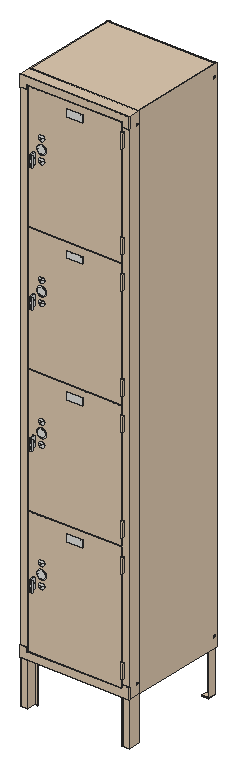
Revit family "Metal_Vented_Lockers-Salsbury_Industries-84000_Series-1_Wide_Units", category Specialty Equipment, Revit 2016 (continued)
Definition of nested family "Metal Locker Legs"
  Automatic sketch dimensions
    Extrusion 2 sketch curve to plane 14 "Inside Edge of Front Leg" = 0.000"
    plane 16 to Extrusion 2 sketch curve = 0.000"
    Extrusion 2 sketch curve to plane 6 "Left Side of Unit" = 0.000"
    plane 9 "Front of Unit" to Extrusion 2 sketch curve = 0.000"
    Extrusion 2 sketch curve to plane 11 "Left Side of Door Opening" = 0.000"
    plane 16 to Extrusion 2 sketch curve = 0.060"
    plane 9 "Front of Unit" to Extrusion 2 sketch curve = 0.060"
    Extrusion 2 sketch curve to plane 11 "Left Side of Door Opening" = 0.060"
    plane 6 "Left Side of Unit" to Extrusion 2 sketch curve = 0.060"
    plane 17 "Back Edge of Rear Legs" to Extrusion 3 sketch curve = 0.000"
    Extrusion 3 sketch curve to plane 21 "Inside Edge or Rear Right Leg" = 0.000"
    Extrusion 3 sketch curve to plane 18 "Right Edge of Rear Right Leg" = 0.000"
    plane 20 to Extrusion 3 sketch curve = 0.000"
    plane 17 "Back Edge of Rear Legs" to Extrusion 3 sketch curve = 0.060"
    plane 18 "Right Edge of Rear Right Leg" to Extrusion 3 sketch curve = 0.060"
    plane 17 "Back Edge of Rear Legs" to Extrusion 4 sketch curve = 0.000"
    Extrusion 4 sketch curve to plane 18 "Right Edge of Rear Right Leg" = 0.000"
    plane 20 to Extrusion 4 sketch curve = 0.000"
    Extrusion 4 sketch curve to plane 21 "Inside Edge or Rear Right Leg" = 0.000"
    plane 17 "Back Edge of Rear Legs" to Extrusion 5 sketch curve = 0.000"
    Extrusion 5 sketch curve to plane 22 "Inside Edge or Left Rear Leg" = 0.000"
    Extrusion 5 sketch curve to plane 19 "Left Edge or Rear Left Leg" = 0.000"
    plane 20 to Extrusion 5 sketch curve = 0.000"
    Extrusion 5 sketch curve to plane 17 "Back Edge of Rear Legs" = 0.060"
    Extrusion 5 sketch curve to plane 19 "Left Edge or Rear Left Leg" = 0.060"
    plane 17 "Back Edge of Rear Legs" to Extrusion 6 sketch curve = 0.000"
    Extrusion 6 sketch curve to plane 19 "Left Edge or Rear Left Leg" = 0.000"
    plane 20 to Extrusion 6 sketch curve = 0.000"
    Extrusion 6 sketch curve to plane 22 "Inside Edge or Left Rear Leg" = 0.000"
Definition of nested family "Vented Metal Locker Doors-15 inch with Latch Hasp"
  Parameters (values of type "Four Tier Door - 6 foot")
    Width = 12.901"
    Visible = yes
    Primary Structure Material = none
    Louver Set Vertical Alignment = 2.731"
    Number Plate Alignment = 0.9375"
    Louver Width = 4.000"
    Hinge 2 Placement = 14.142"
    Hinge 1 Placement = 1.125"
    Height = 17.360"
    Hasp Plate Rivet Material = none
    Hasp Height = 1.438"
    Depth = 0.900"
  Reference planes (in)
    plane 1 "Center (Front/Back)": y = 0
    plane 2 "Bottom of Door": z = 0
    plane 3 "Center (Left/Right)": x = 0
    plane 4 "Center (Top/Bottom)": z = 8.68
    plane 5 "Top of Door": z = 17.36
    plane 6 "Right Side of Door": x = 6.4505
    plane 7 "Left Side of Door": x = -6.4505
    plane 8 "Front of Door": y = -0.45
    plane 9 "Back of Door": y = 0.45
    plane 10 "Top of Number Plate": z = 16.4225
    plane 11 "Top of Hasp Alignment": z = 9.399
    plane 12 "Bottom of Hasp Alignment": z = 7.961
    plane 13 "Left Side of Louvers": x = -2
    plane 14 "Right Side of Louvers": x = 2
    plane 15 "Front of Louvers": y = -0.6375
    plane 16: x = -1.094
    plane 17: x = 1.094
    plane 18: z = 15.4225
    plane 19 "Center Hasp": x = -1.7755
    plane 20 "Top of Hinge 2": z = 3.218
    plane 21 "Top of Hinge 1": z = 16.235
    plane 22 "Left Hasp Hole Align": x = -5.763
    plane 23 "Right Hasp Hole Align": x = -5.513
    plane 24 "Center Hasp Stud Align": z = 10.09841
    plane 25 "Top Hasp Stud Align": z = 11.51682
    plane 26 "Vertical Hasp Stud Align": x = -4.576
    plane 27 "Vertical Center Hasp Align": x = -5.63777
    plane 28: z = 8.08731
    plane 29: z = 2.74873
    plane 30: z = 8.68373
    plane 31: z = 3.93573
    plane 32: z = 3.33931
    plane 33: z = 5.12273
    plane 34: z = 4.52631
    plane 35: z = 3.93573
    plane 36: z = 5.71331
    plane 37: z = 6.30973
    plane 38: z = 6.90031
    plane 39: z = 7.49673
    plane 40: x = -5.26277
    plane 41: x = -5.70027
    plane 42: z = 2.375
  Forms (in)
    Extrusion 1, solid, material <- "Primary Structure Material", visible <- "Visible"
      sketch origin (0, 0, 0) x (1, 0, 0) y (0, 0, 1)
        loop
          line (-6.4505, 17.36) -> (-6.4505, 0) -> (6.4505, 0) -> (6.4505, 17.36) -> (-6.4505, 17.36)
      from -0.45 to 0.45
    Extrusion 2, solid, material <- "Hasp Plate Rivet Material", visible <- "Visible", detail levels medium+fine
      sketch origin (0, -0.45, 0) x (1, 0, 0) y (0, 0, 1)
        loop
          arc (-1.06847, 16.38695) -> (-1.10166, 15.92421) -> (-1.06847, 15.46147) r 3.2426
          arc (-1.06847, 15.46147) -> (0, 15.42272) -> (1.06847, 15.46147) r 14.75
          arc (1.06847, 15.46147) -> (1.10166, 15.92421) -> (1.06847, 16.38695) r 3.2426
          arc (1.06847, 16.38695) -> (0, 16.41487) -> (-1.06847, 16.38695) r 20.45441
      from 0 to 0.03497
    Extrusion 3, void
      sketch origin (-1.7755, -0.13281, 0.04687) x (0, 0, -1) y (0, -1, 0)
        loop
          circle (-8.35677, -0.16411) r 0.2
      from -0.163 to 0.163
    Extrusion 4, solid, material <- "Primary Structure Material", visible <- "Visible", detail levels medium+fine
      sketch origin (0, 0, 16.235) x (0, -1, 0) y (1, 0, 0)
        loop
          line (0.45, 6.4505) -> (0.575, 6.4505)
          arc (0.575, 6.4505) -> (0.7, 6.5755) -> (0.575, 6.7005) r 0.125
          line (0.575, 6.7005) -> (0.45, 6.7005) -> (0.45, 6.4505)
      from 0 to -2
    Extrusion 5, solid, material <- "Primary Structure Material", visible <- "Visible", detail levels medium+fine
      sketch origin (0, 0, 3.218) x (0, -1, 0) y (1, 0, 0)
        loop
          line (0.45, 6.4505) -> (0.575, 6.4505)
          arc (0.575, 6.4505) -> (0.7, 6.5755) -> (0.575, 6.7005) r 0.125
          line (0.575, 6.7005) -> (0.45, 6.7005) -> (0.45, 6.4505)
      from 0 to -2
    Extrusion 6, void
      sketch origin (0, -0.45, 0) x (1, 0, 0) y (0, 0, 1)
        loop
          line (-5.763, 9.399) -> (-5.763, 7.961) -> (-5.513, 7.961) -> (-5.513, 9.399) -> (-5.763, 9.399)
      from -0.9 to 0
    Blend 7, solid, material <- "Hasp Plate Rivet Material", visible <- "Visible", detail levels fine
      base sketch origin (0, -0.45, 0) x (1, 0, 0) y (0, 0, 1)
        loop
          circle (-4.576, 8.68) r 0.375
      top sketch origin (0, -0.45, 0) x (1, 0, 0) y (0, 0, 1)
        loop
          circle (-4.576, 8.68) r 0.09706
      from 0 to 0.03497
    Blend 8, solid, material <- "Hasp Plate Rivet Material", visible <- "Visible", detail levels fine
      base sketch origin (0, -0.45, 2.83682) x (1, 0, 0) y (0, 0, 1)
        loop
          circle (-4.576, 8.68) r 0.375
      top sketch origin (0, -0.45, 2.83682) x (1, 0, 0) y (0, 0, 1)
        loop
          circle (-4.576, 8.68) r 0.09706
      from 0 to 0.03497
    Blend 9, solid, material <- "Hasp Plate Rivet Material", visible <- "Visible", detail levels fine
      base sketch origin (0, -0.45, -0.16841) x (1, 0, 0) y (0, 0, 1)
        loop
          circle (-4.576, 10.26682) r 0.625
      top sketch origin (0, -0.45, -0.16841) x (1, 0, 0) y (0, 0, 1)
        loop
          circle (-4.576, 10.26682) r 0.58088
      from 0 to 0.03497
    Extrusion 10, solid, material <- "Hasp Plate Rivet Material", visible <- "Visible", detail levels fine
      sketch origin (0, 0, 7.961) x (0, -1, 0) y (1, 0, 0)
        loop
          line (-0.45, -5.57527) -> (-0.45, -5.63777) -> (1.2, -5.63777)
          arc (1.2, -5.63777) -> (1.24419, -5.61946) -> (1.2625, -5.57527) r 0.0625
          line (1.2625, -5.57527) -> (1.2625, -5.26277) -> (1.20579, -5.26277) -> (1.20579, -5.5127)
          arc (1.20579, -5.5127) -> (1.18746, -5.55694) -> (1.14322, -5.57527) r 0.06257
          line (1.14322, -5.57527) -> (-0.45, -5.57527)
      from 0 to 1.438
    Extrusion 11, solid, material <- "Hasp Plate Rivet Material", visible <- "Visible", detail levels fine
      sketch origin (0, 0, 7.961) x (0, -1, 0) y (1, 0, 0)
        loop
          line (-0.45, -5.70027) -> (1.2625, -5.70027) -> (1.2625, -5.63777) -> (-0.45, -5.63777) -> (-0.45, -5.70027)
      from 0 to 1.438
    Extrusion 12, void
      sketch origin (-5.513, 0, 0) x (0, 0, -1) y (0, -1, 0)
        loop
          circle (-8.68, 0.82219) r 0.375
      from 0 to 0.25
  Cuts and joins
    Extrusion 3, Extrusion 6 cuts Extrusion 1
    Extrusion 12 cuts Extrusion 10
    Extrusion 12 cuts Extrusion 11
  Lines and regions (in)
    symbolic lines
      curve 1: line (-6.4505, -0.45, 17.36) -> (6.4505, -0.45, 17.36)
      curve 2: line (-6.4505, -0.45, 0) -> (-6.4505, -0.45, 17.36)
      curve 3: line (6.4505, -0.45, 0) -> (-6.4505, -0.45, 0)
      curve 4: line (6.4505, -0.45, 17.36) -> (6.4505, -0.45, 0)
      curve 5: line (-5.763, -0.45, 9.399) -> (-5.26277, -0.45, 9.399)
      curve 6: line (-5.763, -0.45, 7.961) -> (-5.763, -0.45, 9.399)
      curve 7: line (-5.26277, -0.45, 7.961) -> (-5.763, -0.45, 7.961)
      curve 8: line (-5.26277, -0.45, 9.399) -> (-5.26277, -0.45, 7.961)
      curve 9: line (-5.70027, -0.45, 7.961) -> (-5.70027, -0.45, 9.399)
      curve 10: line (-5.513, -0.45, 9.399) -> (-5.513, -1.2625, 9.399)
      curve 11: line (-5.513, -1.2625, 9.399) -> (-5.513, -1.2625, 7.961)
      curve 12: line (-5.513, -1.2625, 7.961) -> (-5.513, -0.45157, 7.961)
      curve 13: line (-5.70027, -0.45, 7.961) -> (-5.63777, -0.45, 7.961)
      curve 14: line (-5.70027, -1.2625, 7.961) -> (-5.70027, -0.45, 7.961)
      curve 15: line (-5.63777, -1.2625, 7.961) -> (-5.70027, -1.2625, 7.961)
      curve 16: line (-5.63777, -0.45, 7.961) -> (-5.63777, -1.2625, 7.961)
      curve 17: line (-5.57527, -0.45, 7.961) -> (-5.57527, -1.14322, 7.961)
      curve 18: line (-5.5127, -1.20579, 7.961) -> (-5.26277, -1.20579, 7.961)
      curve 19: line (-5.26277, -1.20579, 7.961) -> (-5.26277, -1.2625, 7.961)
      curve 20: line (-5.26277, -1.2625, 7.961) -> (-5.57527, -1.2625, 7.961)
      curve 21: arc (-5.5127, -1.20579, 7.961) -> (-5.55694, -1.18746, 7.961) -> (-5.57527, -1.14322, 7.961) r 0.06257
      curve 22: arc (-5.57527, -1.2625, 7.961) -> (-5.61946, -1.24419, 7.961) -> (-5.63777, -1.2, 7.961) r 0.0625
  Dimensions and locks (in)
    equal spacing: plane 5 "Top of Door", plane 4 "Center (Top/Bottom)", plane 2 "Bottom of Door"
    "Height": plane 5 "Top of Door" to plane 2 "Bottom of Door"
    equal spacing: plane 8 "Front of Door", plane 1 "Center (Front/Back)", plane 9 "Back of Door"
    "Depth": plane 8 "Front of Door" to plane 9 "Back of Door"
    equal spacing: plane 7 "Left Side of Door", plane 3 "Center (Left/Right)", plane 6 "Right Side of Door"
    "Width": plane 7 "Left Side of Door" to plane 6 "Right Side of Door"
    "Number Plate Alignment": plane 5 "Top of Door" to plane 10 "Top of Number Plate" to plane 18
    equal spacing: plane 13 "Left Side of Louvers", plane 3 "Center (Left/Right)", plane 14 "Right Side of Louvers"
    "Louver Width": plane 13 "Left Side of Louvers" to plane 14 "Right Side of Louvers"
    plane 25 "Top Hasp Stud Align" to plane 24 "Center Hasp Stud Align" to plane 11 "Top of Hasp Alignment" to plane 4 "Center (Top/Bottom)" to plane 12 "Bottom of Hasp Alignment" = 1.41841", 0.69941", 0.719", 0.719"
    "Hasp Height": plane 11 "Top of Hasp Alignment" to plane 12 "Bottom of Hasp Alignment"
    locked: plane 15 "Front of Louvers" to plane 8 "Front of Door" at 0.1875
    plane 16 to plane 3 "Center (Left/Right)" to plane 17 = 1.094" locked, 1.094" locked
    "Hinge 1 Placement": plane 5 "Top of Door" to plane 21 "Top of Hinge 1"
    "Hinge 2 Placement": plane 5 "Top of Door" to plane 20 "Top of Hinge 2"
    plane 7 "Left Side of Door" to plane 22 "Left Hasp Hole Align" to plane 23 "Right Hasp Hole Align" to plane 26 "Vertical Hasp Stud Align" = 0.6875" locked, 0.250" locked, 0.937" locked
    equal spacing: group 1, group 2, group 3, group 4, group 5, group 6, group 13, group 14, group 15, group 16  (x3)
    equal spacing: group 7, group 8, group 9, group 10, group 11, group 12, group 17, group 18, group 19, group 20  (x3)
    plane 30 to plane 28 to plane 39 to plane 38 to plane 37 to plane 36 to plane 33 to plane 34 to plane 35 to plane 31 to plane 32 to plane 29 = 0.59642", 0.59058", 0.59642", 0.59058", 0.59642", 0.59058", 0.59642", 0.59058", 0.000", 0.59642", 0.59058"
    plane 4 "Center (Top/Bottom)" to plane 28 to plane 29 = 0.59269", 5.33858"
    plane 22 "Left Hasp Hole Align" to plane 27 "Vertical Center Hasp Align" = 0.12523"
    plane 41 to plane 27 "Vertical Center Hasp Align" = 0.0625"
    plane 23 "Right Hasp Hole Align" to plane 40 = 0.25023"
    plane 42 to plane 2 "Bottom of Door" = 2.375"
    aligned and locked: level to plane 2 "Bottom of Door"
    aligned and locked: plane 5 "Top of Door" to Extrusion 1 sketch curve
    aligned and locked: Extrusion 1 sketch curve to plane 7 "Left Side of Door"
    aligned and locked: plane 2 "Bottom of Door" to Extrusion 1 sketch curve
    aligned and locked: plane 6 "Right Side of Door" to Extrusion 1 sketch curve
    aligned and locked: plane 11 "Top of Hasp Alignment" to Extrusion 6 sketch curve
    aligned and locked: Extrusion 6 sketch curve to plane 22 "Left Hasp Hole Align"
    aligned and locked: Extrusion 6 sketch curve to plane 12 "Bottom of Hasp Alignment"
    aligned and locked: plane 23 "Right Hasp Hole Align" to Extrusion 6 sketch curve
    aligned and locked: plane 25 "Top Hasp Stud Align" to Blend 8 sketch curve  (x2)
    aligned and locked: plane 4 "Center (Top/Bottom)" to Blend 7 sketch curve  (x2)
    aligned and locked: plane 24 "Center Hasp Stud Align" to Blend 9 sketch curve  (x2)
    aligned and locked: plane 27 "Vertical Center Hasp Align" to Extrusion 11 sketch curve
    aligned and locked: plane 27 "Vertical Center Hasp Align" to Extrusion 10 sketch curve
    aligned and locked: plane 4 "Center (Top/Bottom)" to Extrusion 12 sketch curve
    aligned and locked: plane 40 to cut or joined group of Extrusion 10, Extrusion 12
    aligned and locked: plane 29 to nested 2
    aligned and locked: plane 31 to nested 3
    aligned and locked: plane 33 to nested 4
    aligned and locked: plane 5 "Top of Door" to curve 1
    aligned and locked: curve 2 to plane 7 "Left Side of Door"
    aligned and locked: curve 3 to cut or joined group of Extrusion 1, Extrusion 3, Extrusion 6
    aligned and locked: curve 4 to cut or joined group of Extrusion 1, Extrusion 3, Extrusion 6
    aligned and locked: curve 5 to cut or joined group of Extrusion 1, Extrusion 3, Extrusion 6
    aligned and locked: curve 6 to cut or joined group of Extrusion 1, Extrusion 3, Extrusion 6
    aligned and locked: curve 7 to plane 12 "Bottom of Hasp Alignment"
    aligned and locked: plane 40 to curve 8
    aligned and locked: curve 9 to cut or joined group of Extrusion 11, Extrusion 12
    aligned and locked: curve 10 to cut or joined group of Extrusion 1, Extrusion 3, Extrusion 6
    aligned and locked: curve 11 to cut or joined group of Extrusion 10, Extrusion 12
    aligned and locked: curve 12 to cut or joined group of Extrusion 10, Extrusion 12
    aligned and locked: curve 14 to cut or joined group of Extrusion 11, Extrusion 12
    aligned and locked: curve 15 to cut or joined group of Extrusion 11, Extrusion 12
    aligned and locked: cut or joined group of Extrusion 11, Extrusion 12 to curve 16
    aligned and locked: cut or joined group of Extrusion 1, Extrusion 3, Extrusion 6 to curve 13
    aligned and locked: plane 8 "Front of Door" to curve 17
    aligned and locked: cut or joined group of Extrusion 10, Extrusion 12 to curve 17
    aligned and locked: curve 18 to cut or joined group of Extrusion 10, Extrusion 12
    aligned and locked: curve 19 to cut or joined group of Extrusion 10, Extrusion 12
    aligned and locked: curve 20 to cut or joined group of Extrusion 10, Extrusion 12
  Automatic sketch dimensions
    Extrusion 2 sketch curve to plane 3 "Center (Left/Right)" = 0.000"  (x2)
    plane 13 "Left Side of Louvers" to Extrusion 2 sketch curve = 0.14094"
    Extrusion 2 sketch curve to plane 14 "Right Side of Louvers" = 0.14094"
    Extrusion 2 sketch curve to level = 4.03954"
    plane 21 "Top of Hinge 1" to Extrusion 2 sketch curve = 0.31079"  (x2)
    Extrusion 2 sketch curve to plane 5 "Top of Door" = 12.81272"
    Extrusion 2 sketch curve to plane 16 = 0.02553"  (x2)
    plane 17 to Extrusion 2 sketch curve = 0.02553"
    Extrusion 2 sketch curve to plane 18 = 0.03897"
    Extrusion 3 sketch curve to plane 1 "Center (Front/Back)" = 0.0313"
    Extrusion 4 sketch curve to plane 6 "Right Side of Door" = 0.000"
    plane 8 "Front of Door" to Extrusion 4 sketch curve = 0.000"
    Extrusion 4 sketch curve to plane 15 "Front of Louvers" = 0.0625"
    Extrusion 4 sketch curve to plane 6 "Right Side of Door" = 0.125"
    Extrusion 5 sketch curve to plane 6 "Right Side of Door" = 0.000"
    plane 8 "Front of Door" to Extrusion 5 sketch curve = 0.000"
    Extrusion 5 sketch curve to plane 15 "Front of Louvers" = 0.0625"
    Extrusion 5 sketch curve to plane 6 "Right Side of Door" = 0.125"
    plane 26 "Vertical Hasp Stud Align" to Blend 7 sketch curve = 0.000"  (x2)
    plane 26 "Vertical Hasp Stud Align" to Blend 8 sketch curve = 0.000"  (x2)
    plane 26 "Vertical Hasp Stud Align" to Blend 9 sketch curve = 0.000"  (x2)
    Extrusion 10 sketch curve to plane 1 "Center (Front/Back)" = 0.450"
    plane 23 "Right Hasp Hole Align" to Extrusion 10 sketch curve = 0.06227"
    Extrusion 10 sketch curve to plane 23 "Right Hasp Hole Align" = 0.0003"
    plane 15 "Front of Louvers" to Extrusion 10 sketch curve = 0.50572"
    Extrusion 10 sketch curve to Extrusion 10 sketch curve = 0.05678"
    Extrusion 10 sketch curve to Extrusion 10 sketch curve = 0.24993"
    plane 9 "Back of Door" to Extrusion 11 sketch curve = 0.000"
    plane 15 "Front of Louvers" to Extrusion 11 sketch curve = 0.625"
    Extrusion 11 sketch curve to plane 22 "Left Hasp Hole Align" = 0.06273"
    Extrusion 10 sketch curve to Extrusion 10 sketch curve = 0.06257"
    plane 15 "Front of Louvers" to Extrusion 12 sketch curve = 0.18469"
    plane 4 "Center (Top/Bottom)" to Extrusion 3 sketch curve = 0.27635"
    curve 10 to plane 8 "Front of Door" = 0.000"
    plane 8 "Front of Door" to curve 12 = 0.00157"
    curve 21 to plane 23 "Right Hasp Hole Align" = 0.0003"
    curve 22 to curve 17 = 0.000"
    radius of Extrusion 3 sketch curve = 0.200"
    radius of Blend 7 sketch curve = 0.375"
    radius of Blend 7 sketch curve = 0.09706"
    radius of Blend 8 sketch curve = 0.375"
    radius of Blend 8 sketch curve = 0.09706"
    radius of Blend 9 sketch curve = 0.625"
    radius of Blend 9 sketch curve = 0.58088"
    radius of Extrusion 12 sketch curve = 0.375"
  Nested families (in)
    nested 1: "Vents - Horizontal 4" at (0.86447, -0.45, -60.20028), type "Vents - Horizontal 4"
    nested 2: "Vents - Horizontal 3" at (0, -0.45, -62.52423), type "Vents - Horizontal 3"
    nested 3: "Vents - Horizontal 3" at (0, -0.45, -61.33723), type "Vents - Horizontal 3"
    nested 4: "Vents - Horizontal 3" at (0, -0.45, -60.15023), type "Vents - Horizontal 3"
    nested 5: "Vents - Horizontal 3" at (0, -0.45, -58.96323), type "Vents - Horizontal 3"
    nested 6: "Vents - Horizontal 3" at (0, -0.45, -57.77623), type "Vents - Horizontal 3"
    nested 7: "Vents - Horizontal 3" at (0, -0.45, -56.58923), type "Vents - Horizontal 3"
    nested 8: "Vents - Horizontal 4" at (0.86447, -0.45, -59.01328), type "Vents - Horizontal 4"
    nested 9: "Vents - Horizontal 4" at (0.86447, -0.45, -57.82628), type "Vents - Horizontal 4"
    nested 10: "Vents - Horizontal 4" at (0.86447, -0.45, -56.63928), type "Vents - Horizontal 4"
    nested 11: "Vents - Horizontal 4" at (0.86447, -0.45, -55.45228), type "Vents - Horizontal 4"
    nested 12: "Vents - Horizontal 4" at (0.86447, -0.45, -54.26528), type "Vents - Horizontal 4"
    nested 13: "Vents - Horizontal 3" at (0, -0.45, -55.40223), type "Vents - Horizontal 3"
    nested 14: "Vents - Horizontal 3" at (0, -0.45, -54.21523), type "Vents - Horizontal 3"
    nested 15: "Vents - Horizontal 3" at (0, -0.45, -53.02823), type "Vents - Horizontal 3"
    nested 16: "Vents - Horizontal 3" at (0, -0.45, -51.84123), type "Vents - Horizontal 3"
    nested 17: "Vents - Horizontal 4" at (0.86447, -0.45, -53.07828), type "Vents - Horizontal 4"
    nested 18: "Vents - Horizontal 4" at (0.86447, -0.45, -51.89128), type "Vents - Horizontal 4"
    nested 19: "Vents - Horizontal 4" at (0.86447, -0.45, -50.70428), type "Vents - Horizontal 4"
    nested 20: "Vents - Horizontal 4" at (0.86447, -0.45, -49.51728), type "Vents - Horizontal 4"
  Definition of nested family "Vents - Horizontal 4"
    Reference planes (in)
      plane 1 "Center (Front/Back)": y = 0
      plane 2: z = 0
      plane 3 "Center (Left/Right)": x = 0
    Lines and regions (in)
      model lines
        curve 1: spline (-2.82036, 0, 63.41385) -> (-2.79123, 0, 63.43156) -> (-2.7668, 0, 63.45089) -> (-2.74745, 0, 63.47156) -> (-2.73347, 0, 63.49324) -> (-2.72507, 0, 63.5156) -> (-2.72239, 0, 63.5383) -> (-2.72547, 0, 63.56099) -> (-2.73427, 0, 63.58331) -> (-2.74863, 0, 63.60493) -> (-2.76835, 0, 63.62552) -> (-2.79312, 0, 63.64475) -> (-2.82257, 0, 63.66233)
        curve 2: line (-2.82036, 0, 63.41385) -> (-3.47246, 0, 63.16223)
        curve 3: line (-2.82257, 0, 63.66233) -> (-3.47173, 0, 63.91272)
        curve 4: spline (-4.12419, 0, 63.41371) -> (-4.15348, 0, 63.43143) -> (-4.17805, 0, 63.45078) -> (-4.19752, 0, 63.47148) -> (-4.21158, 0, 63.49319) -> (-4.22002, 0, 63.51559) -> (-4.22271, 0, 63.53832) -> (-4.21961, 0, 63.56104) -> (-4.21076, 0, 63.5834) -> (-4.1963, 0, 63.60505) -> (-4.17645, 0, 63.62566) -> (-4.15153, 0, 63.64491) -> (-4.12191, 0, 63.6625)
        curve 5: line (-4.12419, 0, 63.41371) -> (-3.47246, 0, 63.16223)
        curve 6: line (-4.12191, 0, 63.6625) -> (-3.47173, 0, 63.91272)
        curve 13: spline (-1.08336, 0, 63.41385) -> (-1.05423, 0, 63.43156) -> (-1.0298, 0, 63.45089) -> (-1.01045, 0, 63.47156) -> (-0.99647, 0, 63.49324) -> (-0.98807, 0, 63.5156) -> (-0.98539, 0, 63.5383) -> (-0.98847, 0, 63.56099) -> (-0.99727, 0, 63.58331) -> (-1.01163, 0, 63.60493) -> (-1.03135, 0, 63.62552) -> (-1.05612, 0, 63.64475) -> (-1.08557, 0, 63.66233)
        curve 14: line (-1.08336, 0, 63.41385) -> (-1.73546, 0, 63.16223)
        curve 15: line (-1.08557, 0, 63.66233) -> (-1.73473, 0, 63.91272)
        curve 16: spline (-2.38719, 0, 63.41371) -> (-2.41648, 0, 63.43143) -> (-2.44105, 0, 63.45078) -> (-2.46052, 0, 63.47148) -> (-2.47458, 0, 63.49319) -> (-2.48302, 0, 63.51559) -> (-2.48571, 0, 63.53832) -> (-2.48261, 0, 63.56104) -> (-2.47376, 0, 63.5834) -> (-2.4593, 0, 63.60505) -> (-2.43945, 0, 63.62566) -> (-2.41453, 0, 63.64491) -> (-2.38491, 0, 63.6625)
        curve 17: line (-2.38719, 0, 63.41371) -> (-1.73546, 0, 63.16223)
        curve 18: line (-2.38491, 0, 63.6625) -> (-1.73473, 0, 63.91272)
        curve 19: spline (0.65364, 0, 63.41385) -> (0.68277, 0, 63.43156) -> (0.7072, 0, 63.45089) -> (0.72655, 0, 63.47156) -> (0.74053, 0, 63.49324) -> (0.74893, 0, 63.5156) -> (0.75161, 0, 63.5383) -> (0.74853, 0, 63.56099) -> (0.73973, 0, 63.58331) -> (0.72537, 0, 63.60493) -> (0.70565, 0, 63.62552) -> (0.68088, 0, 63.64475) -> (0.65143, 0, 63.66233)
        curve 20: line (0.65364, 0, 63.41385) -> (0.00154, 0, 63.16223)
        curve 21: line (0.65143, 0, 63.66233) -> (0.00227, 0, 63.91272)
        curve 22: spline (-0.65019, 0, 63.41371) -> (-0.67948, 0, 63.43143) -> (-0.70405, 0, 63.45078) -> (-0.72352, 0, 63.47148) -> (-0.73758, 0, 63.49319) -> (-0.74602, 0, 63.51559) -> (-0.74871, 0, 63.53832) -> (-0.74561, 0, 63.56104) -> (-0.73676, 0, 63.5834) -> (-0.7223, 0, 63.60505) -> (-0.70245, 0, 63.62566) -> (-0.67753, 0, 63.64491) -> (-0.64791, 0, 63.6625)
        curve 23: line (-0.65019, 0, 63.41371) -> (0.00154, 0, 63.16223)
        curve 24: line (-0.64791, 0, 63.6625) -> (0.00227, 0, 63.91272)
        curve 25: spline (2.39064, 0, 63.41385) -> (2.41977, 0, 63.43156) -> (2.4442, 0, 63.45089) -> (2.46355, 0, 63.47156) -> (2.47753, 0, 63.49324) -> (2.48593, 0, 63.5156) -> (2.48861, 0, 63.5383) -> (2.48553, 0, 63.56099) -> (2.47673, 0, 63.58331) -> (2.46237, 0, 63.60493) -> (2.44265, 0, 63.62552) -> (2.41788, 0, 63.64475) -> (2.38843, 0, 63.66233)
        curve 26: line (2.39064, 0, 63.41385) -> (1.73854, 0, 63.16223)
        curve 27: line (2.38843, 0, 63.66233) -> (1.73927, 0, 63.91272)
        curve 28: spline (1.08681, 0, 63.41371) -> (1.05752, 0, 63.43143) -> (1.03295, 0, 63.45078) -> (1.01348, 0, 63.47148) -> (0.99942, 0, 63.49319) -> (0.99098, 0, 63.51559) -> (0.98829, 0, 63.53832) -> (0.99139, 0, 63.56104) -> (1.00024, 0, 63.5834) -> (1.0147, 0, 63.60505) -> (1.03455, 0, 63.62566) -> (1.05947, 0, 63.64491) -> (1.08909, 0, 63.6625)
        curve 29: line (1.08681, 0, 63.41371) -> (1.73854, 0, 63.16223)
        curve 30: line (1.08909, 0, 63.6625) -> (1.73927, 0, 63.91272)
      model lines, not visible
        curve 7: spline (6.02, -6.45464, 72.16015) -> (6.02, -6.43694, 72.13102) -> (6.02, -6.4176, 72.10659) -> (6.02, -6.39694, 72.08724) -> (6.02, -6.37525, 72.07326) -> (6.02, -6.35289, 72.06486) -> (6.02, -6.33019, 72.06219) -> (6.02, -6.30751, 72.06527) -> (6.02, -6.28518, 72.07406) -> (6.02, -6.26356, 72.08842) -> (6.02, -6.24298, 72.10814) -> (6.02, -6.22375, 72.13292) -> (6.02, -6.20617, 72.16236)
        curve 8: line (6.02, -6.45464, 72.16015) -> (6.02, -6.70626, 72.81225)
        curve 9: line (6.02, -6.20617, 72.16236) -> (6.02, -5.95577, 72.81152)
        curve 10: spline (6.02, -6.45479, 73.46398) -> (6.02, -6.43707, 73.49327) -> (6.02, -6.41771, 73.51784) -> (6.02, -6.39702, 73.53731) -> (6.02, -6.3753, 73.55137) -> (6.02, -6.35291, 73.55981) -> (6.02, -6.33017, 73.5625) -> (6.02, -6.30745, 73.5594) -> (6.02, -6.28509, 73.55055) -> (6.02, -6.26344, 73.53609) -> (6.02, -6.24283, 73.51624) -> (6.02, -6.22359, 73.49132) -> (6.02, -6.20599, 73.4617)
        curve 11: line (6.02, -6.45479, 73.46398) -> (6.02, -6.70626, 72.81225)
        curve 12: line (6.02, -6.20599, 73.4617) -> (6.02, -5.95577, 72.81152)
      reference lines
        curve 31: line (-4.2823, 0, 63.53959) -> (2.55336, 0, 63.53959)
    Dimensions and locks (in)
      equal spacing: group 2, group 3, group 4, group 5  (x3)
      aligned and locked: level to plane 2
  Definition of nested family "Vents - Horizontal 3"
    Reference planes (in)
      plane 1 "Center (Front/Back)": y = 0
      plane 2: z = 0
      plane 3 "Center (Left/Right)": x = 0
    Lines and regions (in)
      model lines
        curve 1: spline (1.08625, 0, 65.3981) -> (1.05712, 0, 65.3804) -> (1.03269, 0, 65.36106) -> (1.01334, 0, 65.34039) -> (0.99936, 0, 65.31871) -> (0.99096, 0, 65.29635) -> (0.98829, 0, 65.27365) -> (0.99137, 0, 65.25097) -> (1.00016, 0, 65.22864) -> (1.01452, 0, 65.20702) -> (1.03424, 0, 65.18644) -> (1.05902, 0, 65.16721) -> (1.08846, 0, 65.14963)
        curve 2: line (1.08625, 0, 65.3981) -> (1.73835, 0, 65.64972)
        curve 3: line (1.08846, 0, 65.14963) -> (1.73762, 0, 64.89923)
        curve 4: spline (2.39008, 0, 65.39825) -> (2.41937, 0, 65.38053) -> (2.44394, 0, 65.36117) -> (2.46341, 0, 65.34048) -> (2.47747, 0, 65.31876) -> (2.48591, 0, 65.29637) -> (2.4886, 0, 65.27363) -> (2.4855, 0, 65.25091) -> (2.47665, 0, 65.22855) -> (2.46219, 0, 65.2069) -> (2.44234, 0, 65.18629) -> (2.41742, 0, 65.16704) -> (2.3878, 0, 65.14945)
        curve 5: line (2.39008, 0, 65.39825) -> (1.73835, 0, 65.64972)
        curve 6: line (2.3878, 0, 65.14945) -> (1.73762, 0, 64.89923)
        curve 13: spline (-0.65075, 0, 65.3981) -> (-0.67988, 0, 65.3804) -> (-0.70431, 0, 65.36106) -> (-0.72366, 0, 65.34039) -> (-0.73764, 0, 65.31871) -> (-0.74604, 0, 65.29635) -> (-0.74871, 0, 65.27365) -> (-0.74563, 0, 65.25097) -> (-0.73684, 0, 65.22864) -> (-0.72248, 0, 65.20702) -> (-0.70276, 0, 65.18644) -> (-0.67798, 0, 65.16721) -> (-0.64854, 0, 65.14963)
        curve 14: line (-0.65075, 0, 65.3981) -> (0.00135, 0, 65.64972)
        curve 15: line (-0.64854, 0, 65.14963) -> (0.00062, 0, 64.89923)
        curve 16: spline (0.65308, 0, 65.39825) -> (0.68237, 0, 65.38053) -> (0.70694, 0, 65.36117) -> (0.72641, 0, 65.34048) -> (0.74047, 0, 65.31876) -> (0.74891, 0, 65.29637) -> (0.7516, 0, 65.27363) -> (0.7485, 0, 65.25091) -> (0.73965, 0, 65.22855) -> (0.72519, 0, 65.2069) -> (0.70534, 0, 65.18629) -> (0.68042, 0, 65.16704) -> (0.6508, 0, 65.14945)
        curve 17: line (0.65308, 0, 65.39825) -> (0.00135, 0, 65.64972)
        curve 18: line (0.6508, 0, 65.14945) -> (0.00062, 0, 64.89923)
        curve 19: spline (-2.38775, 0, 65.3981) -> (-2.41688, 0, 65.3804) -> (-2.44131, 0, 65.36106) -> (-2.46066, 0, 65.34039) -> (-2.47464, 0, 65.31871) -> (-2.48304, 0, 65.29635) -> (-2.48571, 0, 65.27365) -> (-2.48263, 0, 65.25097) -> (-2.47384, 0, 65.22864) -> (-2.45948, 0, 65.20702) -> (-2.43976, 0, 65.18644) -> (-2.41498, 0, 65.16721) -> (-2.38554, 0, 65.14963)
        curve 20: line (-2.38775, 0, 65.3981) -> (-1.73565, 0, 65.64972)
        curve 21: line (-2.38554, 0, 65.14963) -> (-1.73638, 0, 64.89923)
        curve 22: spline (-1.08392, 0, 65.39825) -> (-1.05463, 0, 65.38053) -> (-1.03006, 0, 65.36117) -> (-1.01059, 0, 65.34048) -> (-0.99653, 0, 65.31876) -> (-0.98809, 0, 65.29637) -> (-0.9854, 0, 65.27363) -> (-0.9885, 0, 65.25091) -> (-0.99735, 0, 65.22855) -> (-1.01181, 0, 65.2069) -> (-1.03166, 0, 65.18629) -> (-1.05658, 0, 65.16704) -> (-1.0862, 0, 65.14945)
        curve 23: line (-1.08392, 0, 65.39825) -> (-1.73565, 0, 65.64972)
        curve 24: line (-1.0862, 0, 65.14945) -> (-1.73638, 0, 64.89923)
      model lines, not visible
        curve 7: spline (6.02, -6.45464, 72.16015) -> (6.02, -6.43694, 72.13102) -> (6.02, -6.4176, 72.10659) -> (6.02, -6.39694, 72.08724) -> (6.02, -6.37525, 72.07326) -> (6.02, -6.35289, 72.06486) -> (6.02, -6.33019, 72.06219) -> (6.02, -6.30751, 72.06527) -> (6.02, -6.28518, 72.07406) -> (6.02, -6.26356, 72.08842) -> (6.02, -6.24298, 72.10814) -> (6.02, -6.22375, 72.13292) -> (6.02, -6.20617, 72.16236)
        curve 8: line (6.02, -6.45464, 72.16015) -> (6.02, -6.70626, 72.81225)
        curve 9: line (6.02, -6.20617, 72.16236) -> (6.02, -5.95577, 72.81152)
        curve 10: spline (6.02, -6.45479, 73.46398) -> (6.02, -6.43707, 73.49327) -> (6.02, -6.41771, 73.51784) -> (6.02, -6.39702, 73.53731) -> (6.02, -6.3753, 73.55137) -> (6.02, -6.35291, 73.55981) -> (6.02, -6.33017, 73.5625) -> (6.02, -6.30745, 73.5594) -> (6.02, -6.28509, 73.55055) -> (6.02, -6.26344, 73.53609) -> (6.02, -6.24283, 73.51624) -> (6.02, -6.22359, 73.49132) -> (6.02, -6.20599, 73.4617)
        curve 11: line (6.02, -6.45479, 73.46398) -> (6.02, -6.70626, 72.81225)
        curve 12: line (6.02, -6.20599, 73.4617) -> (6.02, -5.95577, 72.81152)
      reference lines
        curve 25: line (-2.54644, 0, 65.27296) -> (2.54933, 0, 65.27296)
    Dimensions and locks (in)
      equal spacing: group 4, group 3, group 2  (x2)
      equal spacing: group 2, group 3, group 4
      aligned and locked: level to plane 2
Definition of nested family "Metal Locker Front Base"
  Parameters (values of type "77745 - for 15" W Lockers with Legs")
    Width = 13.040"
    Visible [instance] = yes
    Version = "1.0 (11/30/15)"
    Type Comments = "Front Base for Standard Metal Lockers"
    Primary Structure Material = none
    Model = "77745"
    MasterFormat Title = ""
    MasterFormat Number = ""
    Manufacturer = "Salsbury Industries"
    Description = "Front Base for 15\" Wide Lockers"
    Depth = 1.185"
    Height = 6.000"
    Assembly Code = ""
  Types (3): name | Width | Visible | Model | Description
    77742 - for 12" W Lockers with Legs | 10.040" | yes | "77742" | "Front Base for 12\" Wide Lockers"
    77745 - for 15" W Lockers with Legs | 13.040" | yes | "77745" | "Front Base for 15\" Wide Lockers"
    None | 10.040" | no | "77742" | "Front Base for 12\" Wide Lockers"
  Reference planes (in)
    plane 1 "Center (Front/Back)": y = -5.417
    plane 2: z = 0
    plane 3 "Center (Left/Right)": x = 0
    plane 4 "Floor": z = 0
    plane 5 "Top of Enclosure": z = 6
    plane 6 "Front of Enclosure": y = -6.005
    plane 7 "Right Side of Enclosure": x = 6.52
    plane 8 "Left Side of Enclosure": x = -6.52
    plane 9 "Back of Enclosure": y = -4.82
  Forms (in)
    Extrusion 1, solid, material <- "Primary Structure Material", visible <- "Visible"
      sketch origin (0, -6.005, 0) x (1, 0, 0) y (0, 0, 1)
        loop
          line (-6.52, 6) -> (-6.52, 0) -> (6.52, 0) -> (6.52, 6) -> (-6.52, 6)
      from -0.06 to 0
    Extrusion 2, solid, material <- "Primary Structure Material", visible <- "Visible"
      sketch origin (0, 0, 0) x (0, 1, 0) y (0, 0, 1)
        loop
          line (-5.945, 6) -> (-5.945, 5.94) -> (-4.82, 5.94) -> (-4.82, 6) -> (-5.945, 6)
      from -6.52 to 6.52
    Extrusion 3, solid, material <- "Primary Structure Material", visible <- "Visible"
      sketch origin (6.52, 0, 0) x (0, 0, -1) y (0, -1, 0)
        loop
          line (-5.75, 5.945) -> (-5.75, 4.82) -> (-0.25, 4.82) -> (-0.25, 5.945) -> (-5.75, 5.945)
      from 0 to 0.06
    Extrusion 4, solid, material <- "Primary Structure Material", visible <- "Visible"
      sketch origin (-6.52, 0, 0) x (0, 0, -1) y (0, -1, 0)
        loop
          line (-5.75, 5.945) -> (-5.75, 4.82) -> (-0.25, 4.82) -> (-0.25, 5.945) -> (-5.75, 5.945)
      from 0 to -0.06
  Dimensions and locks (in)
    "Height": plane 5 "Top of Enclosure" to plane 4 "Floor"
    plane 6 "Front of Enclosure" to plane 1 "Center (Front/Back)" = 0.588"
    "Depth": plane 6 "Front of Enclosure" to plane 9 "Back of Enclosure"
    equal spacing: plane 8 "Left Side of Enclosure", plane 3 "Center (Left/Right)", plane 7 "Right Side of Enclosure"
    "Width": plane 8 "Left Side of Enclosure" to plane 7 "Right Side of Enclosure"
    aligned and locked: level to plane 2
    aligned and locked: plane 8 "Left Side of Enclosure" to Extrusion 2
    aligned and locked: Extrusion 2 to plane 7 "Right Side of Enclosure"
    aligned and locked: Extrusion 1 to plane 7 "Right Side of Enclosure"
  Automatic sketch dimensions
    Extrusion 1 sketch curve to Extrusion 1 sketch curve = 13.040"
    Extrusion 1 sketch curve to Extrusion 1 sketch curve = 6.000"
    Extrusion 2 sketch curve to Extrusion 2 sketch curve = 1.125"
    Extrusion 2 sketch curve to Extrusion 2 sketch curve = 0.060"
    Extrusion 3 sketch curve to Extrusion 3 sketch curve = 5.500"
    Extrusion 3 sketch curve to Extrusion 3 sketch curve = 1.125"
    Extrusion 4 sketch curve to Extrusion 4 sketch curve = 5.500"
    Extrusion 4 sketch curve to Extrusion 4 sketch curve = 1.125"
    Extrusion 1 sketch curve to level = 0.000"
    plane 8 "Left Side of Enclosure" to Extrusion 1 sketch curve = 0.000"
    plane 5 "Top of Enclosure" to Extrusion 2 sketch curve = 0.000"
    Extrusion 2 sketch curve to plane 9 "Back of Enclosure" = 0.000"
    Extrusion 3 sketch curve to plane 9 "Back of Enclosure" = 0.000"
    plane 5 "Top of Enclosure" to Extrusion 3 sketch curve = 0.250"
    Extrusion 4 sketch curve to plane 9 "Back of Enclosure" = 0.000"
    plane 5 "Top of Enclosure" to Extrusion 4 sketch curve = 0.250"
Definition of nested family "Metal Locker Right Side Base"
  Parameters (values of type "77732 Right - for 12" D Lockers with Legs")
    Width including Rivet [instance] = 1.290"
    Visible = yes
    Primary Structure Material = none
    Depth = 10.422"
    Version = "1.0 (11/30/15)"
    Type Comments = "End Base for Standard Metal Lockers"
    Model = "77732"
    MasterFormat Title = ""
    MasterFormat Number = ""
    Manufacturer = "Salsbury Industries"
    Description = "1.25\"W x 6\" H x 10\"D"
    Width = 1.250"
    Height = 6.000"
    Assembly Code = ""
  Types (4): name | Visible | Depth | Model | Description
    77732 Right - for 12" D Lockers with Legs | yes | 10.422" | "77732" | "1.25\"W x 6\" H x 10\"D"
    77735 Right - for 15" D Lockers with Legs | yes | 13.422" | "77735" | "1.25\"W x 6\" H x 13\"D"
    77738 Right - for 18" D Lockers with Legs | yes | 16.422" | "77738" | "1.25\"W x 6\" H x 16\"D"
    None | no | 10.422" | "" | ""
  Reference planes (in)
    plane 1 "Center (Front/Back)": y = 0
    plane 2: z = 0
    plane 3 "Center (Left/Right)": x = 5.395
    plane 4 "Floor": z = 0
    plane 5 "Top of Enclosure": z = 6
    plane 6 "Left Side of Unit": x = 4.77
    plane 7 "Right Side of Unit": x = 6.02
    plane 8 "Left Edge of Enclosure": y = -5.211
    plane 9 "Right Edge of Enclosure": y = 5.211
    plane 10 "Left Edge of Insert": y = -6.27647
    plane 11 "Right Edge of Insert": y = -5.15147
    plane 12 "Rivet Edge": x = 6.06
  Forms (in)
    Extrusion 1, solid, material <- "Primary Structure Material", visible <- "Visible"
      sketch origin (6.02, 0, 0) x (0, 0, -1) y (0, -1, 0)
        loop
          line (-6, 5.211) -> (-6, -5.211) -> (0, -5.211) -> (0, 5.211) -> (-6, 5.211)
      from 0 to 0.06
    Extrusion 2, solid, material <- "Primary Structure Material", visible <- "Visible"
      sketch origin (0, 0, 6) x (0, -1, 0) y (1, 0, 0)
        loop
          line (5.15147, 5.96) -> (5.15147, 5.9) -> (6.27647, 5.9) -> (6.27647, 5.96) -> (5.15147, 5.96)
      from -6 to 0
    Extrusion 3, solid, material <- "Primary Structure Material", visible <- "Visible"
      sketch origin (6.02, 0, 0) x (0, 0, -1) y (0, -1, 0)
        loop
          line (-6, 4.90147) -> (-6, -3.961) -> (-5.94, -3.961) -> (-5.94, 4.90147) -> (-6, 4.90147)
      from 0.06 to 1.25
    Extrusion 4, solid, material <- "Primary Structure Material", visible <- "Visible"
      sketch origin (6.02, 0, -5.94) x (0, 0, -1) y (0, -1, 0)
        loop
          line (-6, 4.90147) -> (-6, -3.961) -> (-5.94, -3.961) -> (-5.94, 4.90147) -> (-6, 4.90147)
      from 0.06 to 1.25
  Dimensions and locks (in)
    "Height": plane 5 "Top of Enclosure" to plane 4 "Floor"
    plane 10 "Left Edge of Insert" to plane 8 "Left Edge of Enclosure" to plane 11 "Right Edge of Insert" = 1.06547" locked, 0.05953" locked
    equal spacing: plane 8 "Left Edge of Enclosure", plane 1 "Center (Front/Back)", plane 9 "Right Edge of Enclosure"
    "Depth": plane 8 "Left Edge of Enclosure" to plane 9 "Right Edge of Enclosure"
    equal spacing: plane 6 "Left Side of Unit", plane 3 "Center (Left/Right)", plane 7 "Right Side of Unit"
    "Width": plane 6 "Left Side of Unit" to plane 7 "Right Side of Unit"
    locked: plane 7 "Right Side of Unit" to plane 12 "Rivet Edge" at 0.04
    "Width including Rivet": plane 6 "Left Side of Unit" to plane 12 "Rivet Edge"
    aligned and locked: level to plane 2
    aligned and locked: plane 11 "Right Edge of Insert" to Extrusion 2
    aligned and locked: plane 10 "Left Edge of Insert" to Extrusion 2
    aligned and locked: Extrusion 3 to Extrusion 1
    aligned and locked: plane 6 "Left Side of Unit" to Extrusion 3
  Automatic sketch dimensions
    plane 5 "Top of Enclosure" to Extrusion 1 sketch curve = 0.000"
    Extrusion 1 sketch curve to level = 0.000"
    Extrusion 2 sketch curve to plane 8 "Left Edge of Enclosure" = 0.05953"
    plane 7 "Right Side of Unit" to Extrusion 2 sketch curve = 0.120"
    Extrusion 2 sketch curve to Extrusion 2 sketch curve = 0.060"
    Extrusion 1 sketch curve to plane 8 "Left Edge of Enclosure" = 0.000"
    Extrusion 1 sketch curve to plane 9 "Right Edge of Enclosure" = 0.000"
    plane 10 "Left Edge of Insert" to Extrusion 2 sketch curve = 0.000"
    plane 5 "Top of Enclosure" to Extrusion 3 sketch curve = 0.000"
    Extrusion 3 sketch curve to Extrusion 3 sketch curve = 0.060"
    plane 9 "Right Edge of Enclosure" to Extrusion 3 sketch curve = 1.250"
    Extrusion 3 sketch curve to plane 11 "Right Edge of Insert" = 0.250"
    Extrusion 4 sketch curve to level = 0.000"
    level to Extrusion 4 sketch curve = 0.060"
    plane 9 "Right Edge of Enclosure" to Extrusion 4 sketch curve = 1.250"
    Extrusion 4 sketch curve to plane 11 "Right Edge of Insert" = 0.250"
Definition of nested family "Metal Locker Left Side Base"
  Parameters (values of type "77732 Left - for 12" D Lockers with Legs")
    Width including Rivet [instance] = 1.290"
    Visible = yes
    Primary Structure Material = none
    Depth = 10.422"
    Version = "1.0 (11/30/15)"
    Type Comments = "End Base for Standard Metal Lockers"
    Model = "77732"
    MasterFormat Title = ""
    MasterFormat Number = ""
    Manufacturer = "Salsbury Industries"
    Description = "1.25\"W x 6\" H x 10\"D"
    Width = 1.250"
    Height = 6.000"
    Assembly Code = ""
  Types (4): name | Visible | Depth | Model | Description
    77732 Left - for 12" D Lockers with Legs | yes | 10.422" | "77732" | "1.25\"W x 6\" H x 10\"D"
    77735 Left - for 15" D Lockers with Legs | yes | 13.422" | "77735" | "1.25\"W x 6\" H x 13\"D"
    77738 Left - for 18" D Lockers with Legs | yes | 16.422" | "77738" | "1.25\"W x 6\" H x 16\"D"
    None | no | 10.422" | "" | ""
  Reference planes (in)
    plane 1 "Center (Front/Back)": y = 0
    plane 2: z = 0
    plane 3 "Center (Left/Right)": x = 5.395
    plane 4 "Floor": z = 0
    plane 5 "Top of Enclosure": z = 6
    plane 6 "Left Side of Unit": x = 4.77
    plane 7 "Right Side of Unit": x = 6.02
    plane 8 "Left Edge of Enclosure": y = -5.211
    plane 9 "Right Edge of Enclosure": y = 5.211
    plane 10 "Left Edge of Insert": y = -6.27647
    plane 11 "Right Edge of Insert": y = -5.15147
    plane 12 "Edge of Rivet": x = 4.73
  Forms (in)
    Extrusion 1, solid, material <- "Primary Structure Material", visible <- "Visible"
      sketch origin (6.02, 0, 0) x (0, 0, -1) y (0, -1, 0)
        loop
          line (-6, 4.90147) -> (-6, -3.961) -> (-5.94, -3.961) -> (-5.94, 4.90147) -> (-6, 4.90147)
      from 0 to 1.19
    Extrusion 2, solid, material <- "Primary Structure Material", visible <- "Visible"
      sketch origin (6.02, 0, -5.94) x (0, 0, -1) y (0, -1, 0)
        loop
          line (-6, 4.90147) -> (-6, -3.961) -> (-5.94, -3.961) -> (-5.94, 4.90147) -> (-6, 4.90147)
      from 0 to 1.19
    Extrusion 3, solid, material <- "Primary Structure Material", visible <- "Visible"
      sketch origin (4.77, 0, 0) x (0, 0, -1) y (0, 1, 0)
        loop
          line (-6, -5.211) -> (0, -5.211) -> (0, 5.211) -> (-6, 5.211) -> (-6, -5.211)
      from 0 to 0.06
    Extrusion 4, solid, material <- "Primary Structure Material", visible <- "Visible"
      sketch origin (10.79, 0, 6) x (0, -1, 0) y (1, 0, 0)
        loop
          line (5.15147, -5.96) -> (6.27647, -5.96) -> (6.27647, -5.9) -> (5.15147, -5.9) -> (5.15147, -5.96)
      from -6 to 0
  Dimensions and locks (in)
    "Height": plane 5 "Top of Enclosure" to plane 4 "Floor"
    plane 10 "Left Edge of Insert" to plane 8 "Left Edge of Enclosure" to plane 11 "Right Edge of Insert" = 1.06547" locked, 0.05953" locked
    equal spacing: plane 8 "Left Edge of Enclosure", plane 1 "Center (Front/Back)", plane 9 "Right Edge of Enclosure"
    "Depth": plane 8 "Left Edge of Enclosure" to plane 9 "Right Edge of Enclosure"
    equal spacing: plane 6 "Left Side of Unit", plane 3 "Center (Left/Right)", plane 7 "Right Side of Unit"
    "Width": plane 6 "Left Side of Unit" to plane 7 "Right Side of Unit"
    "Width including Rivet": plane 12 "Edge of Rivet" to plane 7 "Right Side of Unit"
    plane 12 "Edge of Rivet" to plane 6 "Left Side of Unit" = 0.040"
    aligned and locked: level to plane 2
    aligned and locked: Extrusion 1 to Extrusion 3
    aligned and locked: Extrusion 2 to Extrusion 3
  Automatic sketch dimensions
    plane 5 "Top of Enclosure" to Extrusion 1 sketch curve = 0.000"
    Extrusion 1 sketch curve to Extrusion 1 sketch curve = 0.060"
    plane 9 "Right Edge of Enclosure" to Extrusion 1 sketch curve = 1.250"
    Extrusion 1 sketch curve to plane 11 "Right Edge of Insert" = 0.250"
    Extrusion 2 sketch curve to level = 0.000"
    level to Extrusion 2 sketch curve = 0.060"
    plane 9 "Right Edge of Enclosure" to Extrusion 2 sketch curve = 1.250"
    Extrusion 2 sketch curve to plane 11 "Right Edge of Insert" = 0.250"
    plane 5 "Top of Enclosure" to Extrusion 3 sketch curve = 0.000"
    Extrusion 3 sketch curve to level = 0.000"
    Extrusion 3 sketch curve to plane 8 "Left Edge of Enclosure" = 0.000"
    Extrusion 3 sketch curve to plane 9 "Right Edge of Enclosure" = 0.000"
    plane 11 "Right Edge of Insert" to Extrusion 4 sketch curve = 0.000"
    plane 10 "Left Edge of Insert" to Extrusion 4 sketch curve = 0.000"
    plane 6 "Left Side of Unit" to Extrusion 4 sketch curve = 0.120"
    Extrusion 4 sketch curve to Extrusion 4 sketch curve = 0.060"
Definition of nested family "Metal Locker Zee Base"
  Parameters (values of type "77575 - 15"W x 15"D")
    Width = 15.040"
    Visible = yes
    Version = "1.0 (11/30/15)"
    Type Comments = "Zee Base Kit for Standard Metal Lockers - No Legs"
    Primary Structure Material = none
    Model = "77575"
    MasterFormat Title = ""
    MasterFormat Number = ""
    Manufacturer = "Salsbury Industries"
    Description = "4\" H x 6' L - for 12\" Deep Lockers (Includes 6 Foot Front Base, 2 End Bases, Corner Splicer and 4 Rear Legs)"
    Depth = 15.010"
    Height = 4.000"
    Assembly Code = ""
  Types (7): name | Width | Visible | Model | Depth
    77572- 12" W x 12" D | 12.040" | yes | "77572" | 12.010"
    77575 - 12" W x 15" D | 12.040" | yes | "77575" | 15.010"
    77578 - 12"W x 18"D | 12.040" | yes | "77578" | 18.010"
    77575 - 15"W x 15"D | 15.040" | yes | "77575" | 15.010"
    77578 - 15"W x 18"D | 15.040" | yes | "77578" | 18.010"
    None | 12.040" | no | "77572" | 12.010"
    77578 - 12"W x 18" D (Bridge) | 12.007" | yes | "77578" | 18.010"
  Reference planes (in)
    plane 1 "Center (Front/Back)": y = 0
    plane 2: z = 0
    plane 3 "Center (Left/Right)": x = 0
    plane 4 "Floor": z = 0
    plane 5 "Bottom of Unit": z = 4
    plane 6 "Left Side of Unit": x = -7.52
    plane 7 "Right Side of Unit": x = 7.52
    plane 8 "Back of Unit": y = 7.505
    plane 9 "Front of Unit": y = -7.505
    plane 10 "Right Side of Door Opening": x = 6.52
    plane 11 "Left Side of Door Opening": x = -6.52
    plane 12 "Top of back legs": z = 4.185
    plane 13 "Back Edge of Front Facing": y = -5.917
    plane 14 "Inside Edge of Front Leg": x = -6.08
    plane 15 "Inside Edge of Right Leg": x = 6.08
    plane 16: y = -6.32
    plane 17 "Back Edge of Rear Legs": y = 7.395
    plane 18 "Right Edge of Rear Right Leg": x = 7.4
    plane 19 "Left Edge or Rear Left Leg": x = -7.4
    plane 20: y = 6.395
    plane 21 "Inside Edge or Rear Right Leg": x = 6.4
    plane 22 "Inside Edge or Left Rear Leg": x = -6.4
  Forms (in)
    Extrusion 1, solid, material <- "Primary Structure Material", visible <- "Visible"
      sketch origin (0, 0, 0) x (0, -1, 0) y (1, 0, 0)
        loop
          line (-7.395, 7.4) -> (-7.395, 6.4) -> (-7.335, 6.4) -> (-7.335, 7.34) -> (-6.395, 7.34) -> (-6.395, 7.4) -> (-7.395, 7.4)
      from 0.06 to 4.185
    Extrusion 2, solid, material <- "Primary Structure Material", visible <- "Visible"
      sketch origin (0, 0, 0) x (0, -1, 0) y (1, 0, 0)
        loop
          line (-7.395, 7.4) -> (-7.395, 6.4) -> (-6.395, 6.4) -> (-6.395, 7.4) -> (-7.395, 7.4)
      from 0 to 0.06
    Extrusion 3, solid, material <- "Primary Structure Material", visible <- "Visible"
      sketch origin (0, 0, 0) x (0, -1, 0) y (1, 0, 0)
        loop
          line (-7.395, -7.4) -> (-6.395, -7.4) -> (-6.395, -7.34) -> (-7.335, -7.34) -> (-7.335, -6.4) -> (-7.395, -6.4) -> (-7.395, -7.4)
      from 0.06 to 4.185
    Extrusion 4, solid, material <- "Primary Structure Material", visible <- "Visible"
      sketch origin (0, 0, 0) x (0, -1, 0) y (1, 0, 0)
        loop
          line (-7.395, -7.4) -> (-6.395, -7.4) -> (-6.395, -6.4) -> (-7.395, -6.4) -> (-7.395, -7.4)
      from 0 to 0.06
    Extrusion 5, solid, material <- "Primary Structure Material", visible <- "Visible"
      sketch origin (0, 0, 0) x (0, 1, 0) y (0, 0, 1)
        loop
          line (-7.505, 4) -> (-7.505, 3.94) -> (-5.917, 3.94) -> (-5.917, 0) -> (-4.269, 0) -> (-4.269, 0.06) -> (-5.857, 0.06) -> (-5.857, 4) -> (-7.505, 4)
      from -7.52 to 7.52
  Dimensions and locks (in)
    equal spacing: plane 6 "Left Side of Unit", plane 3 "Center (Left/Right)", plane 7 "Right Side of Unit"
    "Width": plane 6 "Left Side of Unit" to plane 7 "Right Side of Unit"
    "Height": plane 5 "Bottom of Unit" to plane 4 "Floor"
    equal spacing: plane 9 "Front of Unit", plane 1 "Center (Front/Back)", plane 8 "Back of Unit"
    "Depth": plane 9 "Front of Unit" to plane 8 "Back of Unit"
    plane 12 "Top of back legs" to plane 5 "Bottom of Unit" = 0.185"
    plane 6 "Left Side of Unit" to plane 11 "Left Side of Door Opening" = 1.000"
    plane 10 "Right Side of Door Opening" to plane 7 "Right Side of Unit" = 1.000"
    locked: plane 9 "Front of Unit" to plane 13 "Back Edge of Front Facing" at 1.588
    plane 11 "Left Side of Door Opening" to plane 14 "Inside Edge of Front Leg" = 0.440"
    plane 15 "Inside Edge of Right Leg" to plane 10 "Right Side of Door Opening" = 0.440"
    plane 9 "Front of Unit" to plane 16 = 1.185"
    plane 15 "Inside Edge of Right Leg" to plane 21 "Inside Edge or Rear Right Leg" to plane 10 "Right Side of Door Opening" to plane 18 "Right Edge of Rear Right Leg" to plane 7 "Right Side of Unit" = 0.320", 0.120", 0.880", 0.120"
    plane 6 "Left Side of Unit" to plane 19 "Left Edge or Rear Left Leg" to plane 11 "Left Side of Door Opening" to plane 22 "Inside Edge or Left Rear Leg" to plane 14 "Inside Edge of Front Leg" = 0.120", 0.880", 0.120", 0.320"
    plane 20 to plane 17 "Back Edge of Rear Legs" to plane 8 "Back of Unit" = 1.000", 0.110"
    aligned and locked: level to plane 2
    aligned and locked: Extrusion 1 to Extrusion 2
    aligned and locked: Extrusion 4 to Extrusion 3
    aligned and locked: Extrusion 1 to plane 18 "Right Edge of Rear Right Leg"
    aligned and locked: Extrusion 1 to plane 17 "Back Edge of Rear Legs"
    aligned and locked: Extrusion 3 to plane 19 "Left Edge or Rear Left Leg"
    aligned and locked: Extrusion 3 to plane 17 "Back Edge of Rear Legs"
    aligned and locked: Extrusion 1 to plane 12 "Top of back legs"
    aligned and locked: Extrusion 3 to plane 12 "Top of back legs"
    aligned and locked: Extrusion 5 to plane 7 "Right Side of Unit"
    aligned and locked: plane 6 "Left Side of Unit" to Extrusion 5
  Automatic sketch dimensions
    plane 17 "Back Edge of Rear Legs" to Extrusion 1 sketch curve = 0.000"
    Extrusion 1 sketch curve to plane 21 "Inside Edge or Rear Right Leg" = 0.000"
    Extrusion 1 sketch curve to plane 18 "Right Edge of Rear Right Leg" = 0.000"
    plane 20 to Extrusion 1 sketch curve = 0.000"
    plane 17 "Back Edge of Rear Legs" to Extrusion 1 sketch curve = 0.060"
    plane 18 "Right Edge of Rear Right Leg" to Extrusion 1 sketch curve = 0.060"
    plane 17 "Back Edge of Rear Legs" to Extrusion 2 sketch curve = 0.000"
    Extrusion 2 sketch curve to plane 18 "Right Edge of Rear Right Leg" = 0.000"
    plane 20 to Extrusion 2 sketch curve = 0.000"
    Extrusion 2 sketch curve to plane 21 "Inside Edge or Rear Right Leg" = 0.000"
    plane 17 "Back Edge of Rear Legs" to Extrusion 3 sketch curve = 0.000"
    Extrusion 3 sketch curve to plane 22 "Inside Edge or Left Rear Leg" = 0.000"
    Extrusion 3 sketch curve to plane 19 "Left Edge or Rear Left Leg" = 0.000"
    plane 20 to Extrusion 3 sketch curve = 0.000"
    Extrusion 3 sketch curve to plane 17 "Back Edge of Rear Legs" = 0.060"
    Extrusion 3 sketch curve to plane 19 "Left Edge or Rear Left Leg" = 0.060"
    plane 17 "Back Edge of Rear Legs" to Extrusion 4 sketch curve = 0.000"
    Extrusion 4 sketch curve to plane 19 "Left Edge or Rear Left Leg" = 0.000"
    plane 20 to Extrusion 4 sketch curve = 0.000"
    Extrusion 4 sketch curve to plane 22 "Inside Edge or Left Rear Leg" = 0.000"
    Extrusion 5 sketch curve to plane 9 "Front of Unit" = 0.000"
    Extrusion 5 sketch curve to level = 0.000"
    Extrusion 5 sketch curve to plane 13 "Back Edge of Front Facing" = 0.000"
    plane 5 "Bottom of Unit" to Extrusion 5 sketch curve = 0.000"
    Extrusion 5 sketch curve to plane 13 "Back Edge of Front Facing" = 0.060"
    Extrusion 5 sketch curve to Extrusion 5 sketch curve = 1.588"
    level to Extrusion 5 sketch curve = 0.060"
    plane 5 "Bottom of Unit" to Extrusion 5 sketch curve = 0.060"
Definition of nested family "Metal Locker Zee Base-Right Side"
  Parameters (values of type "77578 Right - 18" D")
    Width including Rivet [instance] = 1.290"
    Visible = yes
    Primary Structure Material = none
    Depth = 16.362"
    Version = "1.0 (11/30/15)"
    Type Comments = "Zee Base Kit for Standard Metal Lockers - No Legs"
    Model = "77578"
    MasterFormat Title = ""
    MasterFormat Number = ""
    Manufacturer = "Salsbury Industries"
    Description = "4\" H x 6' L - for 12\" Deep Lockers (Includes 6 Foot Front Base, 2 End Bases, Corner Splicer and 4 Rear Legs)"
    Width = 4.000"
    Height = 4.000"
    Assembly Code = ""
  Types (4): name | Visible | Depth | Type Comments | Model | Description
    77572 Right - 12" D | yes | 10.362" | "Zee Base Kit for Standard Metal Lockers - No Legs" | "77572" | "4\" H x 6' L - for 12\" Deep Lockers (Includes 6 Foot Front Base, 2 End Bases, Corner Splicer and 4 Rear Legs)"
    77575 Right - 15" D | yes | 13.362" | "Zee Base Kit for Standard Metal Lockers - No Legs" | "77575" | "4\" H x 6' L - for 12\" Deep Lockers (Includes 6 Foot Front Base, 2 End Bases, Corner Splicer and 4 Rear Legs)"
    77578 Right - 18" D | yes | 16.362" | "Zee Base Kit for Standard Metal Lockers - No Legs" | "77578" | "4\" H x 6' L - for 12\" Deep Lockers (Includes 6 Foot Front Base, 2 End Bases, Corner Splicer and 4 Rear Legs)"
    None | no | 10.362" | "End Base for Standard Metal Lockers" | "" | ""
  Reference planes (in)
    plane 1 "Center (Front/Back)": y = 0
    plane 2: z = 0
    plane 3 "Center (Left/Right)": x = 3.99
    plane 4 "Floor": z = 0
    plane 5 "Top of Enclosure": z = 4
    plane 6 "Left Edge of Insert": x = 4.77
    plane 7 "Right Side of Unit": x = 5.99
    plane 8 "Left Edge of Enclosure": y = -8.181
    plane 9 "Right Edge of Enclosure": y = 8.181
    plane 10 "Bottom Edge of Enclosure": z = 0.06
    plane 11 "Left Edge of Base": x = 1.99
  Forms (in)
    Extrusion 1, solid, material <- "Primary Structure Material", visible <- "Visible"
      sketch origin (5.99, 0, 0) x (0, 0, -1) y (0, -1, 0)
        loop
          line (-4, 6.93967) -> (-4, -6.931) -> (-3.94, -6.931) -> (-3.94, 6.93967) -> (-4, 6.93967)
      from 0.06 to 1.22
    Extrusion 2, solid, material <- "Primary Structure Material", visible <- "Visible"
      sketch origin (0, 0, 0) x (0, -1, 0) y (1, 0, 0)
        loop
          line (-8.181, 1.99) -> (-8.121, 1.99) -> (-8.121, 5.93) -> (8.121, 5.93) -> (8.121, 1.99) -> (8.181, 1.99) -> (8.181, 5.99) -> (-8.181, 5.99) -> (-8.181, 1.99)
      from 0.06 to 4
  Dimensions and locks (in)
    "Height": plane 5 "Top of Enclosure" to plane 4 "Floor"
    equal spacing: plane 8 "Left Edge of Enclosure", plane 1 "Center (Front/Back)", plane 9 "Right Edge of Enclosure"
    "Depth": plane 8 "Left Edge of Enclosure" to plane 9 "Right Edge of Enclosure"
    "Width": plane 11 "Left Edge of Base" to plane 7 "Right Side of Unit"
    equal spacing: plane 11 "Left Edge of Base", plane 3 "Center (Left/Right)", plane 7 "Right Side of Unit"
    locked: plane 4 "Floor" to plane 10 "Bottom Edge of Enclosure" at 0.06
    aligned and locked: level to plane 2
    aligned and locked: plane 6 "Left Edge of Insert" to Extrusion 1
    aligned and locked: Extrusion 2 to plane 9 "Right Edge of Enclosure"
    aligned and locked: Extrusion 2 to plane 10 "Bottom Edge of Enclosure"
    aligned and locked: plane 11 "Left Edge of Base" to Extrusion 2
  Automatic sketch dimensions
    plane 5 "Top of Enclosure" to Extrusion 1 sketch curve = 0.000"
    Extrusion 1 sketch curve to Extrusion 1 sketch curve = 0.060"
    plane 9 "Right Edge of Enclosure" to Extrusion 1 sketch curve = 1.250"
    Extrusion 1 sketch curve to plane 8 "Left Edge of Enclosure" = 1.24133"
    Extrusion 2 sketch curve to plane 7 "Right Side of Unit" = 0.000"
    plane 9 "Right Edge of Enclosure" to Extrusion 2 sketch curve = 0.000"
    plane 6 "Left Edge of Insert" to Extrusion 2 sketch curve = 2.780"  (x2)
    Extrusion 2 sketch curve to Extrusion 2 sketch curve = 0.060"
    plane 7 "Right Side of Unit" to Extrusion 2 sketch curve = 0.060"
    Extrusion 2 sketch curve to plane 8 "Left Edge of Enclosure" = 0.060"
    Extrusion 2 sketch curve to plane 8 "Left Edge of Enclosure" = 0.000"
Definition of nested family "Metal Locker Zee Base-Left Side"
  Parameters (values of type "77572 Left - 12" D")
    Width including Rivet [instance] = 1.290"
    Visible = yes
    Primary Structure Material = none
    Depth = 10.362"
    Version = "1.0 (11/30/15)"
    Type Comments = "Zee Base Kit for Standard Metal Lockers - No Legs"
    Model = "77572"
    MasterFormat Title = ""
    MasterFormat Number = ""
    Manufacturer = "Salsbury Industries"
    Description = "4\" H x 6' L - for 12\" Deep Lockers (Includes 6 Foot Front Base, 2 End Bases, Corner Splicer and 4 Rear Legs)"
    Width = 4.000"
    Height = 4.000"
    Assembly Code = ""
